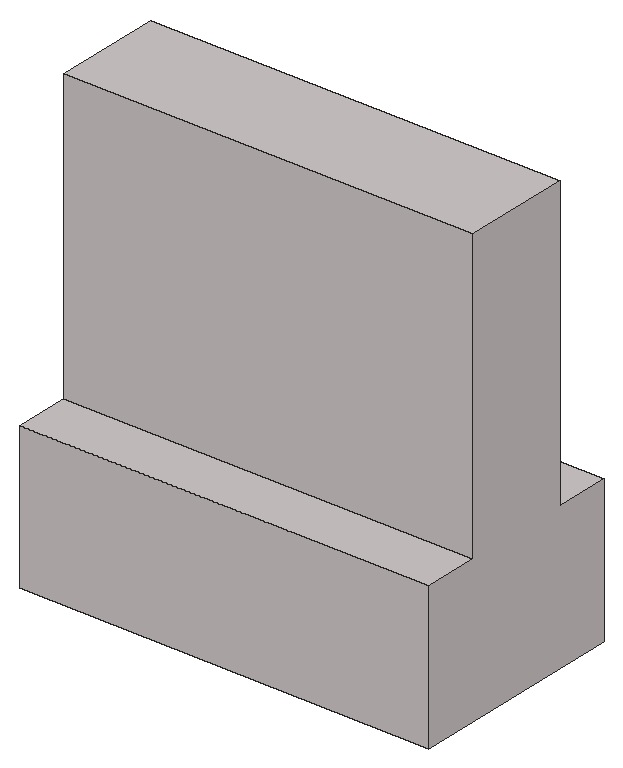
Revit family
Parameters (values of type "600 IT 1200")
  Start Extension Calculation [instance] = 3012.5 mm + Start Extension  # 3000 mm
  Start Extension [instance] = -12.5 mm
  Seat = 150 mm
  Keynote = "E"
  End Extension Calculation [instance] = 3012.5 mm + End Extension  # 3000 mm
  End Extension [instance] = -12.5 mm
  Beam Material [instance] = Concrete - Precast Concrete - 35 MPa
  Assembly Code = ""
  Length [instance] = 1524 mm
  b = 600 mm
  h = 1200 mm
  h1 = 800 mm
Types (4, lengths in mm): name | h | h1
  (no name) | 1200 | 800
  600 IT 500 | 500 | 300
  600 IT 700 | 700 | 400
  600 IT 1200 | 1200 | 800
Reference planes
  plane 1 "Center (Front/Back)": y = 0
  plane 2: z = 0
  plane 3 "Center (Left/Right)": x = 4.61
  plane 4 "Member Left": x = -557.39
  plane 5 "Member Right": x = 566.61
  plane 6: y = 300
  plane 7: y = -300
  plane 8: z = 600
  plane 9 "Bottom": z = -600
  plane 10 "Left": x = -757.39
  plane 11 "Right": x = 766.61
  plane 12: x = -557.39
  plane 13: x = 566.61
  plane 14: x = 2442.61
  plane 15: x = -2433.39
Forms (mm)
  Sweep 1, solid, material "Concrete - Precast Concrete - 35 MPa" <- "Beam Material"
    path origin (0, 0, 0) x (1, 0, 0) y (0, 1, 0)
      loop
        line (566.61, 0) -> (-557.39, 0)
    profile "M_Inverted Tee-Profile : M_Inverted Tee-Profile" origin (4.61, 0, 0) x (0, -1, 0) y (0, 0, 1)
      loop
        line (300, -600) -> (300, -200) -> (150, -200) -> (150, 600) -> (-150, 600) -> (-150, -200) -> (-300, -200) -> (-300, -600) -> (300, -600)
Dimensions and locks
  "b": plane 6 to plane 7
  equal spacing: plane 9 "Bottom", plane 2, plane 8
  equal spacing: plane 6, plane 1 "Center (Front/Back)", plane 7
  "h": plane 9 "Bottom" to plane 8
  "Length": plane 10 "Left" to plane 11 "Right"
  locked: plane 4 "Member Left" to plane 14 at 3000
  locked: plane 15 to plane 5 "Member Right" at 3000
  "Start Extension Calculation": plane 12 to plane 14
  "End Extension Calculation": plane 15 to plane 13
  aligned and locked: Sweep 1 sketch curve to plane 1 "Center (Front/Back)"
  aligned and locked: plane 12 to Sweep 1 sketch curve
  aligned and locked: plane 13 to Sweep 1 sketch curve
